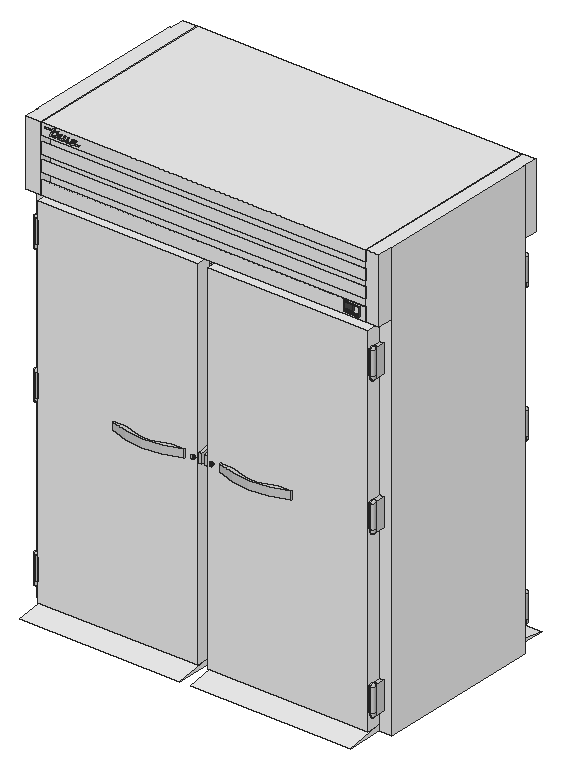
Revit family
Parameters
  Weight in Pounds = 0
  Watts = Volts * FL Amps  # 1092.5 W
  Volts = 115 V
  URL Cutsheet = "www.truemfg.com"
  URL = "www.truemfg.com"
  Type Mark [instance] = ""
  Type Comments = ""
  Status [instance] = ""
  Specification by User [instance] = ""
  Specification by Manufacturer = ""
  Show Logo [instance] = yes
  Show Clearance [instance] = yes
  Serial Number = ""
  Seismic Rating = ""
  SMACNA No = ""
  Revision Code [instance] = ""
  Phase = 1
  Omniclass Number and Title = ""
  Number of Poles [instance] = 1
  NAFEM Spec ID Number = ""
  Model = "STA2RRT-2S-2S"
  Min Ckt Ampacity = 0 A
  Max Overcurrent Protection = 0 A
  Masterspec = ""
  Manufacturer = "TRUE FOOD SERVICE EQUIPMENT, INC."
  Length = 68"
  Item Number [instance] = ""
  Installed By [instance] = ""
  Identify Quantity as Lot [instance] = yes
  Height = 83 3/4"
  HP = "1/2"
  Furnished By [instance] = ""
  Foodservice Equipment Identifier [instance] = yes
  FL Amps = 9.5 A
  Electrical Remarks [instance] = ""
  Electric Connection Type [instance] = ""
  Elec Conn RI Height [instance] = 0"
  Elec Conn Connection Height [instance] = 0"
  Description = "Roll-thru Solid Swing Door Refrigerator"
  Depth = 37 1/2"
  Cycle = 60 Hz
  Conn Plug = "5-15P"
  Conn Conduit = yes
  CSI MasterFormat = ""
  CSI Master Format = ""
  Apparent Power = if(Phase = 3, Volts * FL Amps * 1.73, Volts * FL Amps)  # 1092.5 VA
Reference planes (in)
  plane 1 "BACK": y = 0
  plane 2: z = 0
  plane 3 "LEFT": x = 0
  plane 4 "RIGHT": x = 68
  plane 5 "FRONT": y = -37.5
  plane 6 "TOP": z = 83.75
  plane 7: x = 2.84375
  plane 8: y = -37.4542
  plane 9: x = 34
  plane 10: y = -0.0458
  plane 11: z = 69.90625
Forms (in)
  Extrusion 1, solid, material "QF_Finishes_Chrome - Satin"
    sketch origin (0.05, 0, 0) x (1, 0, 0) y (0, 1, 0)
      loop
        line (-0.05, -2.75) -> (-0.05, -34.75) -> (2.87859, -34.75) -> (2.87859, -2.75) -> (-0.05, -2.75)
    from 0 to 83.75
  Extrusion 2, solid, material "QF_Finishes_Chrome - Satin"
    sketch origin (50.15, 0, 0) x (1, 0, 0) y (0, 1, 0)
      loop
        line (15.15, -2.75) -> (15.15, -34.75) -> (17.85, -34.75) -> (17.85, -2.75) -> (15.15, -2.75)
    from 0 to 83.75
  Extrusion 3, solid, material "QF_Finishes_Chrome - Satin"
    sketch origin (0, 0, 0) x (0, 1, 0) y (0, 0, 1)
      loop
        line (-37.4542, 71.28125) -> (-34.75, 71.28125) -> (-34.75, 68.90625) -> (-2.75, 68.90625) -> (-2.75, 71.28125) -> (-0.0458, 71.28125) -> (-0.0458, 73.94226) -> (-2.25, 72.375) -> (-2.25, 73.65057) -> (-0.0458, 75.21784) -> (-0.0458, 77.31404) -> (-2.25, 75.74678) -> (-2.25, 76.70754) -> (-0.0458, 78.2748) -> (-0.0458, 80.40851) -> (-2.25, 78.84125) -> (-2.25, 79.96352) -> (-0.0458, 81.53078) -> (-0.0458, 83.75) -> (-37.4542, 83.75) -> (-37.4542, 81.53078) -> (-35.25, 79.96352) -> (-35.25, 78.84125) -> (-37.4542, 80.40851) -> (-37.4542, 78.2748) -> (-35.25, 76.70754) -> (-35.25, 75.74678) -> (-37.4542, 77.31404) -> (-37.4542, 75.21784) -> (-35.25, 73.65057) -> (-35.25, 72.375) -> (-37.4542, 73.94226) -> (-37.4542, 71.28125)
      loop
        line (-34.75, 0) -> (-2.75, 0) -> (-2.75, 2) -> (-34.75, 2) -> (-34.75, 0)
    from 2.92859 to 65.3
  Extrusion 4, solid, material "QF_Finishes_Chrome - Satin"
    sketch origin (0, 0, 0) x (1, 0, 0) y (0, 1, 0)
      loop
        line (67.84782, -34.75) -> (65.3, -34.75) -> (65.3, -37.5) -> (67.84782, -37.5) -> (67.84782, -34.75)
      loop
        line (67.84782, -2.75) -> (67.84782, 0) -> (65.3, 0) -> (65.3, -2.75) -> (67.84782, -2.75)
    from 71.28125 to 83.75
  Extrusion 5, solid, material "QF_Finishes_Chrome - Satin"
    sketch origin (-50.125, 0, 0.25) x (1, 0, 0) y (0, 1, 0)
      loop
        line (53.05359, -34.75) -> (50.24109, -34.75) -> (50.24109, -37.5) -> (53.05359, -37.5) -> (53.05359, -34.75)
      loop
        line (53.05359, -2.75) -> (53.05359, 0) -> (50.24109, 0) -> (50.24109, -2.75) -> (53.05359, -2.75)
    from 71.03125 to 83.5
  Extrusion 6, solid, material "QF_Finishes_Handrails and Railings"
    sketch origin (9.34375, -3.83467, -3.5) x (1, 0, 0) y (0, 0, 1)
      loop
        circle (26.4375, 40.0625) r 0.35
      loop
        line (26.47265, 40.33635) -> (26.41715, 40.33635) -> (26.41715, 39.76895) -> (26.47265, 39.76895) -> (26.47265, 40.33635)
    from 33.5 to 33.83066
  Extrusion 7, solid, material "QF_Finishes_Handrails and Railings", visible <- "Show Logo"
    sketch origin (0.33478, -2.68623, 5.13015) x (1, 0, 0) y (0, 0, 1)
      loop
        line (3.46044, 78.08731) -> (3.35478, 77.86073) -> (4.76027, 77.86073)
        arc (4.76027, 77.86073) -> (4.78879, 77.81028) -> (4.76027, 77.75984) r 0.05887
        line (4.76027, 77.75984) -> (4.39369, 76.97372)
        arc (4.39369, 76.97372) -> (4.39051, 76.90091) -> (4.43975, 76.84717) r 0.09523
        line (4.43975, 76.84717) -> (5.33844, 76.84717)
        arc (5.33844, 76.84717) -> (5.45192, 76.88295) -> (5.52436, 76.97735) r 0.19785
        line (5.52436, 76.97735) -> (5.81285, 77.59601) -> (6.0779, 77.59601)
        arc (6.0779, 77.59601) -> (6.14744, 77.57043) -> (6.13737, 77.49703) r 0.05911
        line (6.13737, 77.49703) -> (5.89598, 76.97937)
        arc (5.89598, 76.97937) -> (5.89974, 76.8934) -> (5.97231, 76.84717) r 0.09318
        line (5.97231, 76.84717) -> (6.76198, 76.84717)
        arc (6.76198, 76.84717) -> (6.82249, 76.86919) -> (6.85468, 76.92495) r 0.09412
        arc (6.85468, 76.92495) -> (6.87746, 76.86995) -> (6.93246, 76.84717) r 0.07778
        line (6.93246, 76.84717) -> (7.43246, 76.84717)
        arc (7.43246, 76.84717) -> (7.49022, 76.86265) -> (7.53251, 76.90493) r 0.11552
        arc (7.53251, 76.90493) -> (7.55275, 76.85606) -> (7.60162, 76.83581) r 0.06912
        line (7.60162, 76.83581) -> (8.31225, 76.83581)
        arc (8.31225, 76.83581) -> (8.37034, 76.85988) -> (8.39441, 76.91797) r 0.08216
        arc (8.39441, 76.91797) -> (8.44767, 76.86472) -> (8.52042, 76.84522) r 0.14551
        line (8.52042, 76.84522) -> (9.85158, 76.84522) -> (9.99946, 77.10134) -> (8.65678, 77.10134)
        arc (8.65678, 77.10134) -> (8.61972, 77.12704) -> (8.61834, 77.17211) r 0.05009
        line (8.61834, 77.17211) -> (8.64157, 77.22192)
        arc (8.64157, 77.22192) -> (8.67723, 77.26864) -> (8.73327, 77.28635) r 0.09747
        line (8.73327, 77.28635) -> (9.16485, 77.28635)
        arc (9.16485, 77.28635) -> (9.258, 77.31131) -> (9.32619, 77.3795) r 0.1863
        line (9.32619, 77.3795) -> (9.45119, 77.59601)
        arc (9.45119, 77.59601) -> (9.45119, 77.71157) -> (9.35111, 77.76934) r 0.11556
        line (9.35111, 77.76934) -> (8.89562, 77.76934)
        arc (8.89562, 77.76934) -> (8.7795, 77.74962) -> (8.69849, 77.66412) r 0.18605
        line (8.69849, 77.66412) -> (8.48204, 77.19993)
        arc (8.48204, 77.19993) -> (8.41815, 77.11667) -> (8.31806, 77.08511) r 0.1745
        line (8.31806, 77.08511) -> (7.84559, 77.08511)
        arc (7.84559, 77.08511) -> (7.78903, 77.14684) -> (7.79268, 77.23048) r 0.10939
        line (7.79268, 77.23048) -> (8.04395, 77.76934) -> (7.88403, 77.76934) -> (7.61781, 77.19844)
        arc (7.61781, 77.19844) -> (7.56609, 77.13103) -> (7.48505, 77.10548) r 0.14128
        line (7.48505, 77.10548) -> (7.15925, 77.10548)
        arc (7.15925, 77.10548) -> (7.10419, 77.17723) -> (7.116, 77.26689) r 0.11816
        line (7.116, 77.26689) -> (7.3503, 77.76934) -> (7.18514, 77.76934) -> (6.91546, 77.191)
        arc (6.91546, 77.191) -> (6.85285, 77.12839) -> (6.76733, 77.10548) r 0.17104
        line (6.76733, 77.10548) -> (6.29555, 77.10548)
        arc (6.29555, 77.10548) -> (6.21082, 77.14499) -> (6.20267, 77.23813) r 0.0935
        line (6.20267, 77.23813) -> (6.35774, 77.57069) -> (6.57695, 77.57069)
        arc (6.57695, 77.57069) -> (6.61395, 77.68217) -> (6.69267, 77.76934) r 0.2857
        line (6.69267, 77.76934) -> (5.83605, 77.76934)
        arc (5.83605, 77.76934) -> (5.74086, 77.74824) -> (5.67498, 77.67635) r 0.16212
        line (5.67498, 77.67635) -> (5.44279, 77.17841)
        arc (5.44279, 77.17841) -> (5.3894, 77.12502) -> (5.31647, 77.10548) r 0.14586
        line (5.31647, 77.10548) -> (4.80506, 77.10548)
        arc (4.80506, 77.10548) -> (4.76514, 77.15942) -> (4.77274, 77.22609) r 0.09155
        line (4.77274, 77.22609) -> (5.11018, 77.86073) -> (5.96155, 77.86073) -> (6.06721, 78.08731) -> (5.21584, 78.08731) -> (5.32149, 78.31388) -> (5.01862, 78.31388) -> (4.91297, 78.08731) -> (3.46044, 78.08731)
      loop
        arc (8.83805, 77.56363) -> (8.80119, 77.55375) -> (8.7742, 77.52676) r 0.07373
        line (8.7742, 77.52676) -> (8.75229, 77.45936)
        arc (8.75229, 77.45936) -> (8.76245, 77.43483) -> (8.78699, 77.42466) r 0.0347
        line (8.78699, 77.42466) -> (9.15948, 77.42466)
        arc (9.15948, 77.42466) -> (9.18632, 77.43061) -> (9.20812, 77.44734) r 0.0635
        line (9.20812, 77.44734) -> (9.22624, 77.53122)
        arc (9.22624, 77.53122) -> (9.22091, 77.55368) -> (9.20009, 77.56363) r 0.02676
        line (9.20009, 77.56363) -> (8.83805, 77.56363)
    from 34.76797 to 34.83173
  Extrusion 8, solid, material "QF_Finishes_White"
    sketch origin (-22.74812, -2.7042, -7.90007) x (1, 0, 0) y (0, 0, 1)
      loop
        line (83.81732, 81.35727) -> (83.81732, 79.60996) -> (86.72357, 79.60996) -> (86.72357, 81.35727) -> (83.81732, 81.35727)
    from 34.75 to 34.76797
  Extrusion 9, solid, material "QF_Finishes_Black"
    sketch origin (-22.74812, -2.7042, -7.90007) x (1, 0, 0) y (0, 0, 1)
      loop
        line (86.78607, 81.41977) -> (83.75482, 81.41977) -> (83.75482, 79.54746) -> (86.78607, 79.54746) -> (86.78607, 81.41977)
      loop
        spline (83.95482, 79.87872) -> (83.96333, 79.86254) -> (83.98831, 79.84747) -> (84.02804, 79.83452) -> (84.07982, 79.82459) -> (84.14011, 79.81835) -> (84.20482, 79.81622) -> (84.26952, 79.81835) -> (84.32982, 79.82459) -> (84.38159, 79.83452) -> (84.42132, 79.84747) -> (84.4463, 79.86254) -> (84.45482, 79.87872)
        spline (84.45482, 79.87872) -> (84.4463, 79.89489) -> (84.42132, 79.90997) -> (84.38159, 79.92291) -> (84.32982, 79.93284) -> (84.26952, 79.93909) -> (84.20482, 79.94122) -> (84.14011, 79.93909) -> (84.07982, 79.93284) -> (84.02804, 79.92291) -> (83.98831, 79.90997) -> (83.96333, 79.89489) -> (83.95482, 79.87872)
      loop
        spline (84.65083, 79.87872) -> (84.65935, 79.86254) -> (84.68432, 79.84747) -> (84.72405, 79.83452) -> (84.77583, 79.82459) -> (84.83612, 79.81835) -> (84.90083, 79.81622) -> (84.96553, 79.81835) -> (85.02583, 79.82459) -> (85.07761, 79.83452) -> (85.11734, 79.84747) -> (85.14231, 79.86254) -> (85.15083, 79.87872)
        spline (85.15083, 79.87872) -> (85.14231, 79.89489) -> (85.11734, 79.90997) -> (85.07761, 79.92291) -> (85.02583, 79.93284) -> (84.96553, 79.93909) -> (84.90083, 79.94122) -> (84.83612, 79.93909) -> (84.77583, 79.93284) -> (84.72405, 79.92291) -> (84.68432, 79.90997) -> (84.65935, 79.89489) -> (84.65083, 79.87872)
      loop
        spline (85.40083, 79.87872) -> (85.40935, 79.86254) -> (85.43432, 79.84747) -> (85.47405, 79.83452) -> (85.52583, 79.82459) -> (85.58612, 79.81835) -> (85.65083, 79.81622) -> (85.71553, 79.81835) -> (85.77583, 79.82459) -> (85.82761, 79.83452) -> (85.86734, 79.84747) -> (85.89231, 79.86254) -> (85.90083, 79.87872)
        spline (85.90083, 79.87872) -> (85.89231, 79.89489) -> (85.86734, 79.90997) -> (85.82761, 79.92291) -> (85.77583, 79.93284) -> (85.71553, 79.93909) -> (85.65083, 79.94122) -> (85.58612, 79.93909) -> (85.52583, 79.93284) -> (85.47405, 79.92291) -> (85.43432, 79.90997) -> (85.40935, 79.89489) -> (85.40083, 79.87872)
      loop
        line (83.95481, 81.21978) -> (83.95481, 80.21978) -> (85.65433, 80.21978) -> (85.65433, 81.21978) -> (83.95481, 81.21978)
      loop
        line (86.72357, 81.35727) -> (83.81732, 81.35727) -> (83.81732, 79.60996) -> (86.72357, 79.60996) -> (86.72357, 81.35727)
      loop
        spline (86.15083, 79.87872) -> (86.15935, 79.86254) -> (86.18432, 79.84747) -> (86.22405, 79.83452) -> (86.27583, 79.82459) -> (86.33612, 79.81835) -> (86.40083, 79.81622) -> (86.46553, 79.81835) -> (86.52583, 79.82459) -> (86.57761, 79.83452) -> (86.61734, 79.84747) -> (86.64231, 79.86254) -> (86.65083, 79.87872)
        spline (86.65083, 79.87872) -> (86.64231, 79.89489) -> (86.61734, 79.90997) -> (86.57761, 79.92291) -> (86.52583, 79.93284) -> (86.46553, 79.93909) -> (86.40083, 79.94122) -> (86.33612, 79.93909) -> (86.27583, 79.93284) -> (86.22405, 79.92291) -> (86.18432, 79.90997) -> (86.15935, 79.89489) -> (86.15083, 79.87872)
    from 34.76797 to 34.80335
  Extrusion 10, solid
    sketch origin (-25.125, 0, 0) x (1, 0, 0) y (0, 0, 1)
      loop
        circle (89.875, 81.625) r 0.25
    from 0 to 0.0625
  Blend 11, solid, material "QF_Finishes_Handrails and Railings"
    base sketch origin (60.25, -3.75, -1.5) x (-1, 0, 0) y (0, 0, -1)
      loop
        line (25.25, -38.99169) -> (26, -38.99169) -> (26, -37.24169) -> (25.25, -37.24169) -> (25.25, -38.99169)
    top sketch origin (60.25, 0, -1.5) x (-1, 0, 0) y (0, 0, -1)
      loop
        line (26.18223, -36.6441) -> (25.25, -36.6441) -> (25.25, -39.42643) -> (26.18223, -39.42643) -> (26.18223, -36.6441)
    from 33.57883 to 34.75
  Extrusion 12, solid, material "QF_Finishes_Handrails and Railings"
    sketch origin (66.78125, 0, 2.75) x (0, 1, 0) y (0, 0, -1)
      loop
        line (-34.75, -64.17729) -> (-34.75, -58.86127) -> (-37, -58.86127) -> (-37, -59.57348) -> (-36.56497, -59.57348) -> (-36.56497, -63.97276)
        arc (-36.56497, -63.97276) -> (-36.50506, -64.11738) -> (-36.36044, -64.17729) r 0.20453
        line (-36.36044, -64.17729) -> (-34.75, -64.17729)
    from 0.17506 to 1
  Revolve 13, solid, material "QF_Finishes_Handrails and Railings"
    sketch origin (66.28125, 0, 2.75) x (0, 1, 0) y (0, 0, -1)
      loop
        line (-37.01563, -59.62689) -> (-37.42229, -59.62689) -> (-37.42229, -64.0986)
        arc (-37.42229, -64.0986) -> (-37.28722, -64.35057) -> (-37.01563, -64.43983) r 0.3848
        line (-37.01563, -64.43983) -> (-37.01563, -59.62689)
      loop
        line (-37.01563, -59.57348) -> (-37.01563, -58.67281)
        arc (-37.01563, -58.67281) -> (-37.28264, -58.75883) -> (-37.42229, -59.00212) r 0.38884
        line (-37.42229, -59.00212) -> (-37.42229, -59.57348) -> (-37.01563, -59.57348)
      axis (-37.01563, -58.67281) -> (-37.01563, -64.43983)
    angle from 0 to 360
  Extrusion 14, solid, material "QF_Finishes_Handrails and Railings"
    sketch origin (27.5, -3.82734, 2.7511) x (-1, 0, 0) y (0, 0, -1)
      loop
        line (-38.58509, -64.0986) -> (-38.1875, -64.0986) -> (-38.1875, -59.62579) -> (-38.58509, -59.62579) -> (-38.58509, -64.0986)
    from 32.81497 to 33.59495
  Extrusion 15, solid, material "QF_Finishes_Handrails and Railings"
    sketch origin (66.78125, 0, -24) x (0, 1, 0) y (0, 0, -1)
      loop
        line (-34.75, -64.55229) -> (-34.75, -59.23627) -> (-37, -59.23627) -> (-37, -59.94848) -> (-36.56497, -59.94848) -> (-36.56497, -64.34776)
        arc (-36.56497, -64.34776) -> (-36.50506, -64.49238) -> (-36.36044, -64.55229) r 0.20453
        line (-36.36044, -64.55229) -> (-34.75, -64.55229)
    from 0.17506 to 1
  Revolve 16, solid, material "QF_Finishes_Handrails and Railings"
    sketch origin (66.28125, 0, -24) x (0, 1, 0) y (0, 0, -1)
      loop
        line (-37.01563, -60.00189) -> (-37.42229, -60.00189) -> (-37.42229, -64.4736)
        arc (-37.42229, -64.4736) -> (-37.28722, -64.72557) -> (-37.01563, -64.81483) r 0.3848
        line (-37.01563, -64.81483) -> (-37.01563, -60.00189)
      loop
        line (-37.01563, -59.94848) -> (-37.01563, -59.04781)
        arc (-37.01563, -59.04781) -> (-37.28264, -59.13383) -> (-37.42229, -59.37712) r 0.38884
        line (-37.42229, -59.37712) -> (-37.42229, -59.94848) -> (-37.01563, -59.94848)
      axis (-37.01563, -59.04781) -> (-37.01563, -64.81483)
    angle from 0 to 360
  Extrusion 17, solid, material "QF_Finishes_Handrails and Railings"
    sketch origin (27.5, -3.82734, -23.9989) x (-1, 0, 0) y (0, 0, -1)
      loop
        line (-38.58509, -64.4736) -> (-38.1875, -64.4736) -> (-38.1875, -60.00079) -> (-38.58509, -60.00079) -> (-38.58509, -64.4736)
    from 32.81497 to 33.59495
  Extrusion 18, solid, material "QF_Finishes_Handrails and Railings"
    sketch origin (66.78125, 0, -55.5) x (0, 1, 0) y (0, 0, -1)
      loop
        line (-34.75, -64.55229) -> (-34.75, -59.23627) -> (-37, -59.23627) -> (-37, -59.94848) -> (-36.56497, -59.94848) -> (-36.56497, -64.34776)
        arc (-36.56497, -64.34776) -> (-36.50506, -64.49238) -> (-36.36044, -64.55229) r 0.20453
        line (-36.36044, -64.55229) -> (-34.75, -64.55229)
    from 0.17506 to 1
  Revolve 19, solid, material "QF_Finishes_Handrails and Railings"
    sketch origin (66.28125, 0, -55.5) x (0, 1, 0) y (0, 0, -1)
      loop
        line (-37.01563, -60.00189) -> (-37.42229, -60.00189) -> (-37.42229, -64.4736)
        arc (-37.42229, -64.4736) -> (-37.28722, -64.72557) -> (-37.01563, -64.81483) r 0.3848
        line (-37.01563, -64.81483) -> (-37.01563, -60.00189)
      loop
        line (-37.01563, -59.94848) -> (-37.01563, -59.04781)
        arc (-37.01563, -59.04781) -> (-37.28264, -59.13383) -> (-37.42229, -59.37712) r 0.38884
        line (-37.42229, -59.37712) -> (-37.42229, -59.94848) -> (-37.01563, -59.94848)
      axis (-37.01563, -59.04781) -> (-37.01563, -64.81483)
    angle from 0 to 360
  Extrusion 20, solid, material "QF_Finishes_Handrails and Railings"
    sketch origin (27.5, -3.82734, -55.4989) x (-1, 0, 0) y (0, 0, -1)
      loop
        line (-38.58509, -64.4736) -> (-38.1875, -64.4736) -> (-38.1875, -60.00079) -> (-38.58509, -60.00079) -> (-38.58509, -64.4736)
    from 32.81497 to 33.59495
  Extrusion 21, solid, material "QF_Finishes_Chrome - Satin"
    sketch origin (65.6875, -3.75, 8.03125) x (0, 0, 1) y (0, -1, 0)
      loop
        line (-8.03125, 37.875) -> (-8.03125, 31) -> (-7.03125, 31) -> (-8.03125, 37.875)
    from 0 to -30.6875
  Extrusion 22, solid, material "QF_Finishes_Chrome - Satin"
    sketch origin (59.96875, -3.75, -0.71875) x (-1, 0, 0) y (0, 0, -1)
      loop
        line (26.96875, -1.71875) -> (26.96875, -70.625) -> (57.65625, -70.625) -> (57.65625, -1.71875) -> (26.96875, -1.71875)
      loop
        line (24.96875, -1.71875) -> (-5.71875, -1.71875) -> (-5.71875, -70.625) -> (24.96875, -70.625) -> (24.96875, -1.71875)
    from 31 to 33.75
  Extrusion 23, solid, material "QF_Finishes_Handrails and Railings"
    sketch origin (58.65625, -3.83467, -3.5) x (-1, 0, 0) y (0, 0, -1)
      loop
        circle (26.4375, -40.0625) r 0.35
      loop
        line (26.47265, -40.33635) -> (26.47265, -39.76895) -> (26.41715, -39.76895) -> (26.41715, -40.33635) -> (26.47265, -40.33635)
    from 33.5 to 33.83066
  Blend 24, solid, material "QF_Finishes_Handrails and Railings"
    base sketch origin (7.75, -3.75, -1.5) x (1, 0, 0) y (0, 0, 1)
      loop
        line (25.25, 38.99169) -> (25.25, 37.24169) -> (26, 37.24169) -> (26, 38.99169) -> (25.25, 38.99169)
    top sketch origin (7.75, 0, -1.5) x (1, 0, 0) y (0, 0, 1)
      loop
        line (26.18223, 36.6441) -> (26.18223, 39.42643) -> (25.25, 39.42643) -> (25.25, 36.6441) -> (26.18223, 36.6441)
    from 33.57883 to 34.75
  Extrusion 25, solid, material "QF_Finishes_Handrails and Railings"
    sketch origin (1.21875, 0, 2.75) x (0, 1, 0) y (0, 0, 1)
      loop
        line (-34.75, 64.17729) -> (-36.36044, 64.17729)
        arc (-36.36044, 64.17729) -> (-36.50506, 64.11738) -> (-36.56497, 63.97276) r 0.20453
        line (-36.56497, 63.97276) -> (-36.56497, 59.57348) -> (-37, 59.57348) -> (-37, 58.86127) -> (-34.75, 58.86127) -> (-34.75, 64.17729)
    from 0.17506 to 1
  Revolve 26, solid, material "QF_Finishes_Handrails and Railings"
    sketch origin (1.71875, 0, 2.75) x (0, 1, 0) y (0, 0, 1)
      loop
        line (-37.01563, 59.62689) -> (-37.01563, 64.43983)
        arc (-37.01563, 64.43983) -> (-37.28722, 64.35057) -> (-37.42229, 64.0986) r 0.3848
        line (-37.42229, 64.0986) -> (-37.42229, 59.62689) -> (-37.01563, 59.62689)
      loop
        line (-37.01563, 59.57348) -> (-37.42229, 59.57348) -> (-37.42229, 59.00212)
        arc (-37.42229, 59.00212) -> (-37.28264, 58.75883) -> (-37.01563, 58.67281) r 0.38884
        line (-37.01563, 58.67281) -> (-37.01563, 59.57348)
      axis (-37.01563, 58.67281) -> (-37.01563, 64.43983)
    angle from 0 to 360
  Extrusion 27, solid, material "QF_Finishes_Handrails and Railings"
    sketch origin (40.5, -3.82734, 2.7511) x (1, 0, 0) y (0, 0, 1)
      loop
        line (-38.58509, 64.0986) -> (-38.58509, 59.62579) -> (-38.1875, 59.62579) -> (-38.1875, 64.0986) -> (-38.58509, 64.0986)
    from 32.81497 to 33.59495
  Extrusion 28, solid, material "QF_Finishes_Handrails and Railings"
    sketch origin (1.21875, 0, -24) x (0, 1, 0) y (0, 0, 1)
      loop
        line (-34.75, 64.55229) -> (-36.36044, 64.55229)
        arc (-36.36044, 64.55229) -> (-36.50506, 64.49238) -> (-36.56497, 64.34776) r 0.20453
        line (-36.56497, 64.34776) -> (-36.56497, 59.94848) -> (-37, 59.94848) -> (-37, 59.23627) -> (-34.75, 59.23627) -> (-34.75, 64.55229)
    from 0.17506 to 1
  Revolve 29, solid, material "QF_Finishes_Handrails and Railings"
    sketch origin (1.71875, 0, -24) x (0, 1, 0) y (0, 0, 1)
      loop
        line (-37.01563, 60.00189) -> (-37.01563, 64.81483)
        arc (-37.01563, 64.81483) -> (-37.28722, 64.72557) -> (-37.42229, 64.4736) r 0.3848
        line (-37.42229, 64.4736) -> (-37.42229, 60.00189) -> (-37.01563, 60.00189)
      loop
        line (-37.01563, 59.94848) -> (-37.42229, 59.94848) -> (-37.42229, 59.37712)
        arc (-37.42229, 59.37712) -> (-37.28264, 59.13383) -> (-37.01563, 59.04781) r 0.38884
        line (-37.01563, 59.04781) -> (-37.01563, 59.94848)
      axis (-37.01563, 59.04781) -> (-37.01563, 64.81483)
    angle from 0 to 360
  Extrusion 30, solid, material "QF_Finishes_Handrails and Railings"
    sketch origin (40.5, -3.82734, -23.9989) x (1, 0, 0) y (0, 0, 1)
      loop
        line (-38.58509, 64.4736) -> (-38.58509, 60.00079) -> (-38.1875, 60.00079) -> (-38.1875, 64.4736) -> (-38.58509, 64.4736)
    from 32.81497 to 33.59495
  Extrusion 31, solid, material "QF_Finishes_Handrails and Railings"
    sketch origin (1.21875, 0, -55.5) x (0, 1, 0) y (0, 0, 1)
      loop
        line (-34.75, 64.55229) -> (-36.36044, 64.55229)
        arc (-36.36044, 64.55229) -> (-36.50506, 64.49238) -> (-36.56497, 64.34776) r 0.20453
        line (-36.56497, 64.34776) -> (-36.56497, 59.94848) -> (-37, 59.94848) -> (-37, 59.23627) -> (-34.75, 59.23627) -> (-34.75, 64.55229)
    from 0.17506 to 1
  Revolve 32, solid, material "QF_Finishes_Handrails and Railings"
    sketch origin (1.71875, 0, -55.5) x (0, 1, 0) y (0, 0, 1)
      loop
        line (-37.01563, 60.00189) -> (-37.01563, 64.81483)
        arc (-37.01563, 64.81483) -> (-37.28722, 64.72557) -> (-37.42229, 64.4736) r 0.3848
        line (-37.42229, 64.4736) -> (-37.42229, 60.00189) -> (-37.01563, 60.00189)
      loop
        line (-37.01563, 59.94848) -> (-37.42229, 59.94848) -> (-37.42229, 59.37712)
        arc (-37.42229, 59.37712) -> (-37.28264, 59.13383) -> (-37.01563, 59.04781) r 0.38884
        line (-37.01563, 59.04781) -> (-37.01563, 59.94848)
      axis (-37.01563, 59.04781) -> (-37.01563, 64.81483)
    angle from 0 to 360
  Extrusion 33, solid, material "QF_Finishes_Handrails and Railings"
    sketch origin (40.5, -3.82734, -55.4989) x (1, 0, 0) y (0, 0, 1)
      loop
        line (-38.58509, 64.4736) -> (-38.58509, 60.00079) -> (-38.1875, 60.00079) -> (-38.1875, 64.4736) -> (-38.58509, 64.4736)
    from 32.81497 to 33.59495
  Extrusion 34, solid, material "QF_Finishes_Chrome - Satin"
    sketch origin (2.3125, -3.75, 8.03125) x (0, 0, 1) y (0, 1, 0)
      loop
        line (-8.03125, -37.875) -> (-7.03125, -31) -> (-8.03125, -31) -> (-8.03125, -37.875)
    from 0 to -30.6875
  Extrusion 35, solid, material "QF_Finishes_Door Clearance", visible <- "Show Clearance", detail levels coarse
    sketch origin (32.71875, -3.75, 1) x (0, 1, 0) y (1, 0, 0)
      loop
        line (-33.75, -30.40625) -> (-33.75, 0.28125)
        arc (-33.75, 0.28125) -> (-55.44934, -8.70691) -> (-64.4375, -30.40625) r 30.6875
        line (-64.4375, -30.40625) -> (-33.75, -30.40625)
      loop
        line (-33.75, 32.96875) -> (-64.4375, 32.96875)
        arc (-64.4375, 32.96875) -> (-55.44934, 11.26941) -> (-33.75, 2.28125) r 30.6875
        line (-33.75, 2.28125) -> (-33.75, 32.96875)
    from 0 to -68.90625
  Extrusion 36, solid, material "QF_Finishes_Chrome - Satin"
    sketch origin (8.03125, -33.75, -0.71875) x (1, 0, 0) y (0, 0, -1)
      loop
        line (26.96875, -1.71875) -> (26.96875, -70.625) -> (57.65625, -70.625) -> (57.65625, -1.71875) -> (26.96875, -1.71875)
    from 31 to 33.75
  Extrusion 37, solid, material "QF_Finishes_Handrails and Railings"
    sketch origin (91.34375, -37.25, 24.93519) x (-1, 0, 0) y (0, -1, 0)
      loop
        line (53.875, -37.25) -> (51.475, -37.25)
        arc (51.475, -37.25) -> (47.075, -38.40816) -> (42.675, -37.25) r 8.93715
        line (42.675, -37.25) -> (40.275, -37.25) -> (40.275, -37.45)
        arc (40.275, -37.45) -> (47.075, -38.89405) -> (53.875, -37.45) r 16.7325
        line (53.875, -37.45) -> (53.875, -37.25)
    from 10.87731 to 12.37731
  Extrusion 38, solid, material "QF_Finishes_Handrails and Railings"
    sketch origin (9.34375, -33.66533, -3.5) x (1, 0, 0) y (0, 0, -1)
      loop
        circle (26.4375, -40.0625) r 0.35
      loop
        line (26.47265, -40.33635) -> (26.47265, -39.76895) -> (26.41715, -39.76895) -> (26.41715, -40.33635) -> (26.47265, -40.33635)
    from 33.5 to 33.83066
  Blend 39, solid, material "QF_Finishes_Handrails and Railings"
    base sketch origin (60.25, -33.75, -1.5) x (-1, 0, 0) y (0, 0, 1)
      loop
        line (25.25, 38.99169) -> (25.25, 37.24169) -> (26, 37.24169) -> (26, 38.99169) -> (25.25, 38.99169)
    top sketch origin (60.25, -37.5, -1.5) x (-1, 0, 0) y (0, 0, 1)
      loop
        line (26.18223, 36.6441) -> (26.18223, 39.42643) -> (25.25, 39.42643) -> (25.25, 36.6441) -> (26.18223, 36.6441)
    from 33.57883 to 34.75
  Extrusion 40, solid, material "QF_Finishes_Handrails and Railings"
    sketch origin (66.78125, -37.5, 2.75) x (0, -1, 0) y (0, 0, 1)
      loop
        line (-34.75, 64.17729) -> (-36.36044, 64.17729)
        arc (-36.36044, 64.17729) -> (-36.50506, 64.11738) -> (-36.56497, 63.97276) r 0.20453
        line (-36.56497, 63.97276) -> (-36.56497, 59.57348) -> (-37, 59.57348) -> (-37, 58.86127) -> (-34.75, 58.86127) -> (-34.75, 64.17729)
    from 0.17506 to 1
  Revolve 41, solid, material "QF_Finishes_Handrails and Railings"
    sketch origin (66.28125, -37.5, 2.75) x (0, -1, 0) y (0, 0, 1)
      loop
        line (-37.01563, 59.62689) -> (-37.01563, 64.43983)
        arc (-37.01563, 64.43983) -> (-37.28722, 64.35057) -> (-37.42229, 64.0986) r 0.3848
        line (-37.42229, 64.0986) -> (-37.42229, 59.62689) -> (-37.01563, 59.62689)
      loop
        line (-37.01563, 59.57348) -> (-37.42229, 59.57348) -> (-37.42229, 59.00212)
        arc (-37.42229, 59.00212) -> (-37.28264, 58.75883) -> (-37.01563, 58.67281) r 0.38884
        line (-37.01563, 58.67281) -> (-37.01563, 59.57348)
      axis (-37.01563, 58.67281) -> (-37.01563, 64.43983)
    angle from 0 to 360
  Extrusion 42, solid, material "QF_Finishes_Handrails and Railings"
    sketch origin (27.5, -33.67266, 2.7511) x (-1, 0, 0) y (0, 0, 1)
      loop
        line (-38.58509, 64.0986) -> (-38.58509, 59.62579) -> (-38.1875, 59.62579) -> (-38.1875, 64.0986) -> (-38.58509, 64.0986)
    from 32.81497 to 33.59495
  Extrusion 43, solid, material "QF_Finishes_Handrails and Railings"
    sketch origin (66.78125, -37.5, -24) x (0, -1, 0) y (0, 0, 1)
      loop
        line (-34.75, 64.55229) -> (-36.36044, 64.55229)
        arc (-36.36044, 64.55229) -> (-36.50506, 64.49238) -> (-36.56497, 64.34776) r 0.20453
        line (-36.56497, 64.34776) -> (-36.56497, 59.94848) -> (-37, 59.94848) -> (-37, 59.23627) -> (-34.75, 59.23627) -> (-34.75, 64.55229)
    from 0.17506 to 1
  Revolve 44, solid, material "QF_Finishes_Handrails and Railings"
    sketch origin (66.28125, -37.5, -24) x (0, -1, 0) y (0, 0, 1)
      loop
        line (-37.01563, 60.00189) -> (-37.01563, 64.81483)
        arc (-37.01563, 64.81483) -> (-37.28722, 64.72557) -> (-37.42229, 64.4736) r 0.3848
        line (-37.42229, 64.4736) -> (-37.42229, 60.00189) -> (-37.01563, 60.00189)
      loop
        line (-37.01563, 59.94848) -> (-37.42229, 59.94848) -> (-37.42229, 59.37712)
        arc (-37.42229, 59.37712) -> (-37.28264, 59.13383) -> (-37.01563, 59.04781) r 0.38884
        line (-37.01563, 59.04781) -> (-37.01563, 59.94848)
      axis (-37.01563, 59.04781) -> (-37.01563, 64.81483)
    angle from 0 to 360
  Extrusion 45, solid, material "QF_Finishes_Handrails and Railings"
    sketch origin (27.5, -33.67266, -23.9989) x (-1, 0, 0) y (0, 0, 1)
      loop
        line (-38.58509, 64.4736) -> (-38.58509, 60.00079) -> (-38.1875, 60.00079) -> (-38.1875, 64.4736) -> (-38.58509, 64.4736)
    from 32.81497 to 33.59495
  Extrusion 46, solid, material "QF_Finishes_Handrails and Railings"
    sketch origin (66.78125, -37.5, -55.5) x (0, -1, 0) y (0, 0, 1)
      loop
        line (-34.75, 64.55229) -> (-36.36044, 64.55229)
        arc (-36.36044, 64.55229) -> (-36.50506, 64.49238) -> (-36.56497, 64.34776) r 0.20453
        line (-36.56497, 64.34776) -> (-36.56497, 59.94848) -> (-37, 59.94848) -> (-37, 59.23627) -> (-34.75, 59.23627) -> (-34.75, 64.55229)
    from 0.17506 to 1
  Revolve 47, solid, material "QF_Finishes_Handrails and Railings"
    sketch origin (66.28125, -37.5, -55.5) x (0, -1, 0) y (0, 0, 1)
      loop
        line (-37.01563, 60.00189) -> (-37.01563, 64.81483)
        arc (-37.01563, 64.81483) -> (-37.28722, 64.72557) -> (-37.42229, 64.4736) r 0.3848
        line (-37.42229, 64.4736) -> (-37.42229, 60.00189) -> (-37.01563, 60.00189)
      loop
        line (-37.01563, 59.94848) -> (-37.42229, 59.94848) -> (-37.42229, 59.37712)
        arc (-37.42229, 59.37712) -> (-37.28264, 59.13383) -> (-37.01563, 59.04781) r 0.38884
        line (-37.01563, 59.04781) -> (-37.01563, 59.94848)
      axis (-37.01563, 59.04781) -> (-37.01563, 64.81483)
    angle from 0 to 360
  Extrusion 48, solid, material "QF_Finishes_Handrails and Railings"
    sketch origin (27.5, -33.67266, -55.4989) x (-1, 0, 0) y (0, 0, 1)
      loop
        line (-38.58509, 64.4736) -> (-38.58509, 60.00079) -> (-38.1875, 60.00079) -> (-38.1875, 64.4736) -> (-38.58509, 64.4736)
    from 32.81497 to 33.59495
  Extrusion 49, solid, material "QF_Finishes_Chrome - Satin"
    sketch origin (65.6875, -33.75, 8.03125) x (0, 0, 1) y (0, -1, 0)
      loop
        line (-8.03125, -37.875) -> (-7.03125, -31) -> (-8.03125, -31) -> (-8.03125, -37.875)
    from 0 to -30.6875
  Extrusion 50, solid, material "QF_Finishes_Chrome - Satin"
    sketch origin (59.96875, -33.75, -0.71875) x (-1, 0, 0) y (0, 0, 1)
      loop
        line (26.96875, 1.71875) -> (57.65625, 1.71875) -> (57.65625, 70.625) -> (26.96875, 70.625) -> (26.96875, 1.71875)
    from 31 to 33.75
  Extrusion 51, solid, material "QF_Finishes_Handrails and Railings"
    sketch origin (-23.34375, -37.25, 24.93519) x (-1, 0, 0) y (0, -1, 0)
      loop
        line (-53.875, -37.25) -> (-53.875, -37.45)
        arc (-53.875, -37.45) -> (-47.075, -38.89405) -> (-40.275, -37.45) r 16.7325
        line (-40.275, -37.45) -> (-40.275, -37.25) -> (-42.675, -37.25)
        arc (-42.675, -37.25) -> (-47.075, -38.40816) -> (-51.475, -37.25) r 8.93715
        line (-51.475, -37.25) -> (-53.875, -37.25)
    from 10.87731 to 12.37731
  Extrusion 52, solid, material "QF_Finishes_Handrails and Railings"
    sketch origin (58.65625, -33.66533, -3.5) x (-1, 0, 0) y (0, 0, 1)
      loop
        circle (26.4375, 40.0625) r 0.35
      loop
        line (26.47265, 40.33635) -> (26.41715, 40.33635) -> (26.41715, 39.76895) -> (26.47265, 39.76895) -> (26.47265, 40.33635)
    from 33.5 to 33.83066
  Blend 53, solid, material "QF_Finishes_Handrails and Railings"
    base sketch origin (7.75, -33.75, -1.5) x (1, 0, 0) y (0, 0, -1)
      loop
        line (25.25, -38.99169) -> (26, -38.99169) -> (26, -37.24169) -> (25.25, -37.24169) -> (25.25, -38.99169)
    top sketch origin (7.75, -37.5, -1.5) x (1, 0, 0) y (0, 0, -1)
      loop
        line (26.18223, -36.6441) -> (25.25, -36.6441) -> (25.25, -39.42643) -> (26.18223, -39.42643) -> (26.18223, -36.6441)
    from 33.57883 to 34.75
  Extrusion 54, solid, material "QF_Finishes_Handrails and Railings"
    sketch origin (1.21875, -37.5, 2.75) x (0, -1, 0) y (0, 0, -1)
      loop
        line (-34.75, -64.17729) -> (-34.75, -58.86127) -> (-37, -58.86127) -> (-37, -59.57348) -> (-36.56497, -59.57348) -> (-36.56497, -63.97276)
        arc (-36.56497, -63.97276) -> (-36.50506, -64.11738) -> (-36.36044, -64.17729) r 0.20453
        line (-36.36044, -64.17729) -> (-34.75, -64.17729)
    from 0.17506 to 1
  Revolve 55, solid, material "QF_Finishes_Handrails and Railings"
    sketch origin (1.71875, -37.5, 2.75) x (0, -1, 0) y (0, 0, -1)
      loop
        line (-37.01563, -59.62689) -> (-37.42229, -59.62689) -> (-37.42229, -64.0986)
        arc (-37.42229, -64.0986) -> (-37.28722, -64.35057) -> (-37.01563, -64.43983) r 0.3848
        line (-37.01563, -64.43983) -> (-37.01563, -59.62689)
      loop
        line (-37.01563, -59.57348) -> (-37.01563, -58.67281)
        arc (-37.01563, -58.67281) -> (-37.28264, -58.75883) -> (-37.42229, -59.00212) r 0.38884
        line (-37.42229, -59.00212) -> (-37.42229, -59.57348) -> (-37.01563, -59.57348)
      axis (-37.01563, -58.67281) -> (-37.01563, -64.43983)
    angle from 0 to 360
  Extrusion 56, solid, material "QF_Finishes_Handrails and Railings"
    sketch origin (40.5, -33.67266, 2.7511) x (1, 0, 0) y (0, 0, -1)
      loop
        line (-38.58509, -64.0986) -> (-38.1875, -64.0986) -> (-38.1875, -59.62579) -> (-38.58509, -59.62579) -> (-38.58509, -64.0986)
    from 32.81497 to 33.59495
  Extrusion 57, solid, material "QF_Finishes_Handrails and Railings"
    sketch origin (1.21875, -37.5, -24) x (0, -1, 0) y (0, 0, -1)
      loop
        line (-34.75, -64.55229) -> (-34.75, -59.23627) -> (-37, -59.23627) -> (-37, -59.94848) -> (-36.56497, -59.94848) -> (-36.56497, -64.34776)
        arc (-36.56497, -64.34776) -> (-36.50506, -64.49238) -> (-36.36044, -64.55229) r 0.20453
        line (-36.36044, -64.55229) -> (-34.75, -64.55229)
    from 0.17506 to 1
  Revolve 58, solid, material "QF_Finishes_Handrails and Railings"
    sketch origin (1.71875, -37.5, -24) x (0, -1, 0) y (0, 0, -1)
      loop
        line (-37.01563, -60.00189) -> (-37.42229, -60.00189) -> (-37.42229, -64.4736)
        arc (-37.42229, -64.4736) -> (-37.28722, -64.72557) -> (-37.01563, -64.81483) r 0.3848
        line (-37.01563, -64.81483) -> (-37.01563, -60.00189)
      loop
        line (-37.01563, -59.94848) -> (-37.01563, -59.04781)
        arc (-37.01563, -59.04781) -> (-37.28264, -59.13383) -> (-37.42229, -59.37712) r 0.38884
        line (-37.42229, -59.37712) -> (-37.42229, -59.94848) -> (-37.01563, -59.94848)
      axis (-37.01563, -59.04781) -> (-37.01563, -64.81483)
    angle from 0 to 360
  Extrusion 59, solid, material "QF_Finishes_Handrails and Railings"
    sketch origin (40.5, -33.67266, -23.9989) x (1, 0, 0) y (0, 0, -1)
      loop
        line (-38.58509, -64.4736) -> (-38.1875, -64.4736) -> (-38.1875, -60.00079) -> (-38.58509, -60.00079) -> (-38.58509, -64.4736)
    from 32.81497 to 33.59495
  Extrusion 60, solid, material "QF_Finishes_Handrails and Railings"
    sketch origin (1.21875, -37.5, -55.5) x (0, -1, 0) y (0, 0, -1)
      loop
        line (-34.75, -64.55229) -> (-34.75, -59.23627) -> (-37, -59.23627) -> (-37, -59.94848) -> (-36.56497, -59.94848) -> (-36.56497, -64.34776)
        arc (-36.56497, -64.34776) -> (-36.50506, -64.49238) -> (-36.36044, -64.55229) r 0.20453
        line (-36.36044, -64.55229) -> (-34.75, -64.55229)
    from 0.17506 to 1
  Revolve 61, solid, material "QF_Finishes_Handrails and Railings"
    sketch origin (1.71875, -37.5, -55.5) x (0, -1, 0) y (0, 0, -1)
      loop
        line (-37.01563, -60.00189) -> (-37.42229, -60.00189) -> (-37.42229, -64.4736)
        arc (-37.42229, -64.4736) -> (-37.28722, -64.72557) -> (-37.01563, -64.81483) r 0.3848
        line (-37.01563, -64.81483) -> (-37.01563, -60.00189)
      loop
        line (-37.01563, -59.94848) -> (-37.01563, -59.04781)
        arc (-37.01563, -59.04781) -> (-37.28264, -59.13383) -> (-37.42229, -59.37712) r 0.38884
        line (-37.42229, -59.37712) -> (-37.42229, -59.94848) -> (-37.01563, -59.94848)
      axis (-37.01563, -59.04781) -> (-37.01563, -64.81483)
    angle from 0 to 360
  Extrusion 62, solid, material "QF_Finishes_Handrails and Railings"
    sketch origin (40.5, -33.67266, -55.4989) x (1, 0, 0) y (0, 0, -1)
      loop
        line (-38.58509, -64.4736) -> (-38.1875, -64.4736) -> (-38.1875, -60.00079) -> (-38.58509, -60.00079) -> (-38.58509, -64.4736)
    from 32.81497 to 33.59495
  Extrusion 63, solid, material "QF_Finishes_Chrome - Satin"
    sketch origin (2.3125, -33.75, 8.03125) x (0, 0, 1) y (0, 1, 0)
      loop
        line (-8.03125, 37.875) -> (-8.03125, 31) -> (-7.03125, 31) -> (-8.03125, 37.875)
    from 0 to -30.6875
  Extrusion 64, solid, material "QF_Finishes_Door Clearance", visible <- "Show Clearance", detail levels coarse
    sketch origin (32.71875, -33.75, 1) x (0, 1, 0) y (1, 0, 0)
      loop
        line (33.75, -30.40625) -> (64.4375, -30.40625)
        arc (64.4375, -30.40625) -> (55.44934, -8.70691) -> (33.75, 0.28125) r 30.6875
        line (33.75, 0.28125) -> (33.75, -30.40625)
      loop
        line (33.75, 32.96875) -> (33.75, 2.28125)
        arc (33.75, 2.28125) -> (55.44934, 11.26941) -> (64.4375, 32.96875) r 30.6875
        line (64.4375, 32.96875) -> (33.75, 32.96875)
    from 0 to -68.90625
  Extrusion 65, solid, material "QF_Finishes_Chrome - Satin"
    sketch origin (0, -37.5, 2) x (0, 1, 0) y (-1, 0, 0)
      loop
        line (3.75, -32) -> (2.75, -32) -> (2.75, -36) -> (3.75, -36) -> (3.75, -32)
      loop
        line (33.75, -32) -> (33.75, -36) -> (34.75, -36) -> (34.75, -32) -> (33.75, -32)
    from 0 to 66.90625
  Extrusion 66, solid, material "QF_Finishes_Handrails and Railings"
    sketch origin (91.34375, -0.25, 24.93519) x (1, 0, 0) y (0, 1, 0)
      loop
        line (-53.875, -37.25) -> (-53.875, -37.45)
        arc (-53.875, -37.45) -> (-47.075, -38.89405) -> (-40.275, -37.45) r 16.7325
        line (-40.275, -37.45) -> (-40.275, -37.25) -> (-42.675, -37.25)
        arc (-42.675, -37.25) -> (-47.075, -38.40816) -> (-51.475, -37.25) r 8.93715
        line (-51.475, -37.25) -> (-53.875, -37.25)
    from 10.87731 to 12.37731
  Extrusion 67, solid, material "QF_Finishes_Handrails and Railings"
    sketch origin (-23.34375, -0.25, 24.93519) x (1, 0, 0) y (0, 1, 0)
      loop
        line (53.875, -37.25) -> (51.475, -37.25)
        arc (51.475, -37.25) -> (47.075, -38.40816) -> (42.675, -37.25) r 8.93715
        line (42.675, -37.25) -> (40.275, -37.25) -> (40.275, -37.45)
        arc (40.275, -37.45) -> (47.075, -38.89405) -> (53.875, -37.45) r 16.7325
        line (53.875, -37.45) -> (53.875, -37.25)
    from 10.87731 to 12.37731
Cuts and joins
  joined: Extrusion 1, Extrusion 2, Extrusion 4, Extrusion 5
Lines and regions (in)
  symbolic lines
    curve 1: line (0, 0, 0) -> (68, 0, 0)
    curve 2: line (0, -37.5, 0) -> (0, 0, 0)
    curve 3: line (68, -37.5, 0) -> (0, -37.5, 0)
    curve 4: line (68, 0, 0) -> (68, -37.5, 0)
    curve 5: line (68, -35.25, 0) -> (0, -35.25, 0)
    curve 10: arc (28.13125, 0, 0) -> (23.73125, 1.15816, 0) -> (19.33125, 0, 0) r 8.93715
    curve 11: arc (16.93125, 0.2, 0) -> (23.73125, 1.64405, 0) -> (30.53125, 0.2, 0) r 16.7325
    curve 12: line (16.93125, 0, 0) -> (16.93125, 0.2, 0)
    curve 13: line (30.53125, 0.2, 0) -> (30.53125, 0, 0)
    curve 14: arc (48.66875, 0, 0) -> (44.26875, 1.15816, 0) -> (39.86875, 0, 0) r 8.93715
    curve 15: arc (37.46875, 0.2, 0) -> (44.26875, 1.64405, 0) -> (51.06875, 0.2, 0) r 16.7325
    curve 16: line (37.46875, 0, 0) -> (37.46875, 0.2, 0)
    curve 17: line (51.06875, 0.2, 0) -> (51.06875, 0, 0)
    curve 22: line (68, -2.25, 0) -> (0, -2.25, 0)
    curve 23: arc (28.13125, -37.5, 0) -> (23.73125, -38.65816, 0) -> (19.33125, -37.5, 0) r 8.93715
    curve 24: arc (16.93125, -37.7, 0) -> (23.73125, -39.14405, 0) -> (30.53125, -37.7, 0) r 16.7325
    curve 25: line (16.93125, -37.5, 0) -> (16.93125, -37.7, 0)
    curve 26: line (30.53125, -37.7, 0) -> (30.53125, -37.5, 0)
    curve 27: arc (48.66875, -37.5, 0) -> (44.26875, -38.65816, 0) -> (39.86875, -37.5, 0) r 8.93715
    curve 28: arc (37.46875, -37.7, 0) -> (44.26875, -39.14405, 0) -> (51.06875, -37.7, 0) r 16.7325
    curve 29: line (37.46875, -37.5, 0) -> (37.46875, -37.7, 0)
    curve 30: line (51.06875, -37.7, 0) -> (51.06875, -37.5, 0)
  symbolic lines, style "QF_Door Swings", visible <- "Show Clearance", detail levels coarse
    curve 6: line (2.3125, -37.5, 0) -> (2.3125, -68.1875, 0)
    curve 7: arc (33, -37.5, 0) -> (24.01184, -59.19934, 0) -> (2.3125, -68.1875, 0) r 30.6875
    curve 8: arc (65.6875, -68.1875, 0) -> (43.98816, -59.19934, 0) -> (35, -37.5, 0) r 30.6875
    curve 9: line (65.6875, -68.1875, 0) -> (65.6875, -37.5, 0)
    curve 18: line (2.3125, 0, 0) -> (2.3125, 30.6875, 0)
    curve 19: arc (33, 0, 0) -> (24.01184, 21.69934, 0) -> (2.3125, 30.6875, 0) r 30.6875
    curve 20: arc (65.6875, 30.6875, 0) -> (43.98816, 21.69934, 0) -> (35, 0, 0) r 30.6875
    curve 21: line (65.6875, 30.6875, 0) -> (65.6875, 0, 0)
Dimensions and locks (in)
  "Depth": plane 5 "FRONT" to plane 1 "BACK"
  plane 6 "TOP" to level = 83 3/4"  (x2)
  "Length": plane 3 "LEFT" to plane 4 "RIGHT"
  plane 4 "RIGHT" to plane 3 "LEFT" = 68"
  equal spacing: plane 3 "LEFT", plane 9, plane 4 "RIGHT"
  Extrusion 36 sketch curve to Extrusion 36 sketch curve = 30 11/16"
  Extrusion 50 sketch curve to Extrusion 50 sketch curve = 30 11/16"
  plane 11 to level = 69 29/32"
  aligned and locked: level to plane 2
Automatic sketch dimensions
  plane 1 "BACK" to curve 1 = 0"
  curve 1 to plane 3 "LEFT" = 0"
  plane 5 "FRONT" to curve 6 = 0"
  curve 4 to plane 4 "RIGHT" = 0"
  curve 19 to plane 7 = 17/32"
  curve 6 to plane 7 = 17/32"
  plane 5 "FRONT" to curve 25 = 0.2"
  plane 7 to curve 25 = 14.0875"
  curve 12 to plane 1 "BACK" = 0.2"
  plane 7 to curve 12 = 14.0875"
  curve 25 to curve 23 = 2.4"
  curve 12 to curve 10 = 2.4"
  plane 9 to curve 11 = 10.26875"
  curve 10 to curve 11 = 0"
  curve 24 to curve 11 = 0"
  curve 23 to curve 24 = 0"
  curve 10 to curve 13 = 2.4"
  curve 23 to curve 26 = 2.4"
  plane 9 to curve 19 = 1"
  plane 9 to curve 7 = 1"
  curve 20 to plane 9 = 1"
  curve 8 to plane 9 = 1"
  curve 16 to plane 1 "BACK" = 0.2"
  curve 20 to curve 16 = 2 15/32"
  plane 5 "FRONT" to curve 28 = 0.2"  (x2)
  curve 8 to curve 28 = 2 15/32"
  curve 16 to curve 14 = 2.4"
  curve 29 to curve 27 = 2.4"
  curve 15 to plane 9 = 10.26875"
  curve 28 to curve 15 = 0"
  curve 14 to curve 15 = 0"
  curve 27 to curve 28 = 0"
  curve 17 to plane 1 "BACK" = 0.2"
  curve 9 to plane 4 "RIGHT" = 2 5/16"
  curve 20 to curve 1 = 2 5/16"
  curve 5 to plane 5 "FRONT" = 2 1/4"
  curve 23 to plane 5 "FRONT" = 7.77899"
  curve 27 to plane 5 "FRONT" = 7.77899"
  curve 27 to curve 28 = 7.30945"
  curve 23 to curve 24 = 7.30945"
  curve 24 to curve 11 = 7.32312"
  curve 28 to curve 15 = 7.32312"
  curve 15 to curve 14 = 7.30945"
  curve 11 to curve 10 = 7.30945"
  plane 1 "BACK" to curve 22 = 2 1/4"
  Extrusion 1 sketch curve to plane 3 "LEFT" = 0"
  plane 7 to Extrusion 1 sketch curve = 0.08484"
  Extrusion 1 sketch curve to plane 5 "FRONT" = 2 3/4"
  plane 1 "BACK" to Extrusion 1 sketch curve = 2 3/4"
  Extrusion 2 sketch curve to plane 4 "RIGHT" = 0"
  Extrusion 2 sketch curve to plane 4 "RIGHT" = 2.7"
  Extrusion 2 sketch curve to plane 5 "FRONT" = 2 3/4"
  plane 1 "BACK" to Extrusion 2 sketch curve = 2 3/4"
  Extrusion 3 sketch curve to plane 8 = 0"  (x4)
  Extrusion 3 sketch curve to level = 0"
  Extrusion 3 sketch curve to plane 10 = 0"  (x4)
  Extrusion 3 sketch curve to plane 6 "TOP" = 0"
  plane 8 to Extrusion 3 sketch curve = 2.2042"
  Extrusion 3 sketch curve to Extrusion 3 sketch curve = 0"  (x3)
  Extrusion 3 sketch curve to plane 11 = 1"
  plane 8 to Extrusion 3 sketch curve = 2.7042"  (x2)
  Extrusion 3 sketch curve to Extrusion 3 sketch curve = 2.7042"
  plane 10 to Extrusion 3 sketch curve = 2.7042"
  plane 10 to Extrusion 3 sketch curve = 2.2042"  (x2)
  Extrusion 3 sketch curve to Extrusion 3 sketch curve = 2"
  plane 11 to Extrusion 3 sketch curve = 1 3/8"  (x2)
  Extrusion 3 sketch curve to Extrusion 3 sketch curve = 1 3/32"  (x2)
  Extrusion 3 sketch curve to Extrusion 3 sketch curve = 1.27557"  (x4)
  Extrusion 3 sketch curve to Extrusion 3 sketch curve = 0.29169"  (x2)
  Extrusion 3 sketch curve to Extrusion 3 sketch curve = 2.0962"  (x4)
  Extrusion 3 sketch curve to Extrusion 3 sketch curve = 0.96076"  (x4)
  Extrusion 3 sketch curve to Extrusion 3 sketch curve = 2.13371"  (x4)
  Extrusion 3 sketch curve to Extrusion 3 sketch curve = 1.12227"  (x4)
  plane 1 "BACK" to Extrusion 4 sketch curve = 0"
  plane 5 "FRONT" to Extrusion 4 sketch curve = 0"
  Extrusion 4 sketch curve to plane 4 "RIGHT" = 2.7"  (x2)
  Extrusion 4 sketch curve to plane 4 "RIGHT" = 0.15218"  (x2)
  Extrusion 4 sketch curve to plane 5 "FRONT" = 2 3/4"
  Extrusion 4 sketch curve to Extrusion 4 sketch curve = 2 3/4"
  plane 1 "BACK" to Extrusion 5 sketch curve = 0"
  plane 5 "FRONT" to Extrusion 5 sketch curve = 0"
  plane 3 "LEFT" to Extrusion 5 sketch curve = 0.11609"  (x2)
  plane 7 to Extrusion 5 sketch curve = 0.08484"  (x2)
  Extrusion 5 sketch curve to plane 5 "FRONT" = 2 3/4"
  Extrusion 5 sketch curve to Extrusion 5 sketch curve = 2 3/4"
  Extrusion 6 sketch curve to plane 9 = 1.7609"
  Extrusion 6 sketch curve to Extrusion 6 sketch curve = 0.02035"
  Extrusion 6 sketch curve to Extrusion 6 sketch curve = 0.0555"
  Extrusion 6 sketch curve to plane 11 = 33.6373"
  Extrusion 6 sketch curve to Extrusion 6 sketch curve = 0.29355"
  Extrusion 6 sketch curve to Extrusion 6 sketch curve = 0.27385"
  plane 7 to Extrusion 7 sketch curve = 0.84582"
  Extrusion 7 sketch curve to Extrusion 7 sketch curve = 0.10565"  (x5)
  Extrusion 7 sketch curve to Extrusion 7 sketch curve = 1.03891"
  Extrusion 7 sketch curve to Extrusion 7 sketch curve = 0.04606"
  Extrusion 7 sketch curve to Extrusion 7 sketch curve = 0.08631"
  Extrusion 7 sketch curve to Extrusion 7 sketch curve = 0.33624"
  Extrusion 7 sketch curve to Extrusion 7 sketch curve = 0.03034"  (x2)
  Extrusion 7 sketch curve to plane 6 "TOP" = 1.39375"
  Extrusion 7 sketch curve to Extrusion 7 sketch curve = 0.29274"
  Extrusion 7 sketch curve to Extrusion 7 sketch curve = 0.03232"
  Extrusion 7 sketch curve to Extrusion 7 sketch curve = 0.04851"
  Extrusion 7 sketch curve to plane 6 "TOP" = 0.53254"
  Extrusion 7 sketch curve to Extrusion 7 sketch curve = 0.1527"
  Extrusion 7 sketch curve to plane 6 "TOP" = 0.30596"
  Extrusion 7 sketch curve to plane 6 "TOP" = 0.75912"
  Extrusion 7 sketch curve to Extrusion 7 sketch curve = 0.19721"
  Extrusion 7 sketch curve to Extrusion 7 sketch curve = 0.4629"
  Extrusion 7 sketch curve to Extrusion 7 sketch curve = 0.02197"
  Extrusion 7 sketch curve to plane 6 "TOP" = 1.44144"
  Extrusion 7 sketch curve to Extrusion 7 sketch curve = 0.12632"
  Extrusion 7 sketch curve to Extrusion 7 sketch curve = 0.18591"
  Extrusion 7 sketch curve to plane 6 "TOP" = 0.94349"
  Extrusion 7 sketch curve to Extrusion 7 sketch curve = 0.2322"
  Extrusion 7 sketch curve to Extrusion 7 sketch curve = 0.13786"
  Extrusion 7 sketch curve to Extrusion 7 sketch curve = 0.00907"
  Extrusion 7 sketch curve to Extrusion 7 sketch curve = 0.01413"
  Extrusion 7 sketch curve to Extrusion 7 sketch curve = 0.37162"
  Extrusion 7 sketch curve to Extrusion 7 sketch curve = 0.12551"
  Extrusion 7 sketch curve to Extrusion 7 sketch curve = 0.07633"
  Extrusion 7 sketch curve to Extrusion 7 sketch curve = 0.08445"
  Extrusion 7 sketch curve to Extrusion 7 sketch curve = 0.25598"
  Extrusion 7 sketch curve to Extrusion 7 sketch curve = 0.01887"
  Extrusion 7 sketch curve to Extrusion 7 sketch curve = 0.04061"
  Extrusion 7 sketch curve to plane 6 "TOP" = 1.38171"
  Extrusion 7 sketch curve to Extrusion 7 sketch curve = 0.0653"
  Extrusion 7 sketch curve to Extrusion 7 sketch curve = 0.08474"
  Extrusion 7 sketch curve to Extrusion 7 sketch curve = 0.00815"
  Extrusion 7 sketch curve to Extrusion 7 sketch curve = 0.22037"
  Extrusion 7 sketch curve to Extrusion 7 sketch curve = 0.21921"
  Extrusion 7 sketch curve to Extrusion 7 sketch curve = 0.11572"
  Extrusion 7 sketch curve to Extrusion 7 sketch curve = 0.46643"
  Extrusion 7 sketch curve to Extrusion 7 sketch curve = 0.00535"
  Extrusion 7 sketch curve to Extrusion 7 sketch curve = 0.09269"
  Extrusion 7 sketch curve to Extrusion 7 sketch curve = 0.09348"
  Extrusion 7 sketch curve to Extrusion 7 sketch curve = 0.14812"
  Extrusion 7 sketch curve to Extrusion 7 sketch curve = 0.07778"
  Extrusion 7 sketch curve to Extrusion 7 sketch curve = 0.20054"
  Extrusion 7 sketch curve to Extrusion 7 sketch curve = 0.04325"
  Extrusion 7 sketch curve to plane 6 "TOP" = 0.8505"  (x2)
  Extrusion 7 sketch curve to Extrusion 7 sketch curve = 0.32433"
  Extrusion 7 sketch curve to Extrusion 7 sketch curve = 0.10233"  (x2)
  Extrusion 7 sketch curve to Extrusion 7 sketch curve = 0.16515"
  Extrusion 7 sketch curve to Extrusion 7 sketch curve = 0.27321"
  Extrusion 7 sketch curve to Extrusion 7 sketch curve = 0.0526"
  Extrusion 7 sketch curve to Extrusion 7 sketch curve = 0.10005"
  Extrusion 7 sketch curve to Extrusion 7 sketch curve = 0.06912"
  Extrusion 7 sketch curve to Extrusion 7 sketch curve = 0.13276"
  Extrusion 7 sketch curve to plane 6 "TOP" = 1.38936"
  Extrusion 7 sketch curve to Extrusion 7 sketch curve = 0.17486"
  Extrusion 7 sketch curve to Extrusion 7 sketch curve = 0.05291"
  Extrusion 7 sketch curve to Extrusion 7 sketch curve = 0.53374"
  Extrusion 7 sketch curve to Extrusion 7 sketch curve = 0.09914"
  Extrusion 7 sketch curve to Extrusion 7 sketch curve = 0.15992"
  Extrusion 7 sketch curve to Extrusion 7 sketch curve = 0.46666"
  Extrusion 7 sketch curve to Extrusion 7 sketch curve = 0.00582"
  Extrusion 7 sketch curve to Extrusion 7 sketch curve = 0.08216"
  Extrusion 7 sketch curve to Extrusion 7 sketch curve = 0.16397"
  Extrusion 7 sketch curve to Extrusion 7 sketch curve = 0.12601"
  Extrusion 7 sketch curve to plane 6 "TOP" = 1.44773"
  Extrusion 7 sketch curve to Extrusion 7 sketch curve = 0.1363"
  Extrusion 7 sketch curve to plane 6 "TOP" = 1.39792"
  Extrusion 7 sketch curve to Extrusion 7 sketch curve = 0.02323"
  Extrusion 7 sketch curve to Extrusion 7 sketch curve = 0.03844"
  Extrusion 7 sketch curve to Extrusion 7 sketch curve = 0.0454"
  Extrusion 7 sketch curve to Extrusion 7 sketch curve = 0.05693"
  Extrusion 7 sketch curve to Extrusion 7 sketch curve = 0.0917"
  Extrusion 7 sketch curve to Extrusion 7 sketch curve = 0.01902"
  Extrusion 7 sketch curve to Extrusion 7 sketch curve = 0.02191"
  Extrusion 7 sketch curve to Extrusion 7 sketch curve = 0.0347"
  Extrusion 7 sketch curve to Extrusion 7 sketch curve = 0.06385"
  Extrusion 7 sketch curve to Extrusion 7 sketch curve = 0.02906"
  Extrusion 7 sketch curve to Extrusion 7 sketch curve = 0.02851"
  Extrusion 7 sketch curve to Extrusion 7 sketch curve = 0.29237"
  Extrusion 7 sketch curve to Extrusion 7 sketch curve = 0.00537"
  Extrusion 7 sketch curve to Extrusion 7 sketch curve = 0.0406"
  Extrusion 7 sketch curve to plane 6 "TOP" = 1.1725"
  Extrusion 7 sketch curve to Extrusion 7 sketch curve = 0.04327"
  Extrusion 7 sketch curve to Extrusion 7 sketch curve = 0.02615"
  Extrusion 7 sketch curve to plane 6 "TOP" = 1.24034"
  Extrusion 7 sketch curve to Extrusion 7 sketch curve = 0.11806"
  Extrusion 7 sketch curve to Extrusion 7 sketch curve = 0.15103"
  Extrusion 7 sketch curve to Extrusion 7 sketch curve = 0.10007"
  Extrusion 7 sketch curve to Extrusion 7 sketch curve = 0.5254"
  Extrusion 7 sketch curve to plane 6 "TOP" = 1.5185"
  Extrusion 7 sketch curve to Extrusion 7 sketch curve = 0.14787"
  Extrusion 7 sketch curve to Extrusion 7 sketch curve = 0.14537"
  Extrusion 7 sketch curve to Extrusion 7 sketch curve = 0.13339"
  Extrusion 7 sketch curve to Extrusion 7 sketch curve = 0.11061"
  Extrusion 7 sketch curve to Extrusion 7 sketch curve = 0.25876"
  Extrusion 7 sketch curve to Extrusion 7 sketch curve = 0.06767"
  Extrusion 7 sketch curve to Extrusion 7 sketch curve = 0.12655"
  Extrusion 7 sketch curve to Extrusion 7 sketch curve = 0.12242"
  Extrusion 7 sketch curve to Extrusion 7 sketch curve = 0.29684"
  Extrusion 7 sketch curve to Extrusion 7 sketch curve = 0.03938"
  Extrusion 7 sketch curve to Extrusion 7 sketch curve = 0.06046"
  Extrusion 7 sketch curve to Extrusion 7 sketch curve = 0.13266"
  Extrusion 7 sketch curve to Extrusion 7 sketch curve = 0.14279"
  Extrusion 7 sketch curve to Extrusion 7 sketch curve = 0.03794"
  Extrusion 7 sketch curve to Extrusion 7 sketch curve = 0.08552"
  Extrusion 7 sketch curve to Extrusion 7 sketch curve = 0.09296"
  Extrusion 7 sketch curve to Extrusion 7 sketch curve = 0.02781"
  Extrusion 7 sketch curve to Extrusion 7 sketch curve = 0.04799"
  Extrusion 7 sketch curve to Extrusion 7 sketch curve = 0.03054"
  Extrusion 7 sketch curve to Extrusion 7 sketch curve = 0.2589"
  Extrusion 7 sketch curve to Extrusion 7 sketch curve = 0.0674"
  Extrusion 7 sketch curve to Extrusion 7 sketch curve = 0.0324"
  Extrusion 7 sketch curve to Extrusion 7 sketch curve = 0.26185"
  Extrusion 7 sketch curve to Extrusion 7 sketch curve = 11/256"
  Extrusion 7 sketch curve to Extrusion 7 sketch curve = 0.07366"
  Extrusion 7 sketch curve to Extrusion 7 sketch curve = 0.02187"
  Extrusion 7 sketch curve to Extrusion 7 sketch curve = 0.06479"
  Extrusion 7 sketch curve to Extrusion 7 sketch curve = 0.05778"
  Extrusion 7 sketch curve to Extrusion 7 sketch curve = 0.32747"
  Extrusion 7 sketch curve to Extrusion 7 sketch curve = 0.05045"
  Extrusion 7 sketch curve to Extrusion 7 sketch curve = 29/128"
  plane 11 to Extrusion 8 sketch curve = 1.80364"
  Extrusion 8 sketch curve to plane 4 "RIGHT" = 6.9308"
  Extrusion 8 sketch curve to Extrusion 8 sketch curve = 2 29/32"
  Extrusion 8 sketch curve to Extrusion 8 sketch curve = 1.74732"
